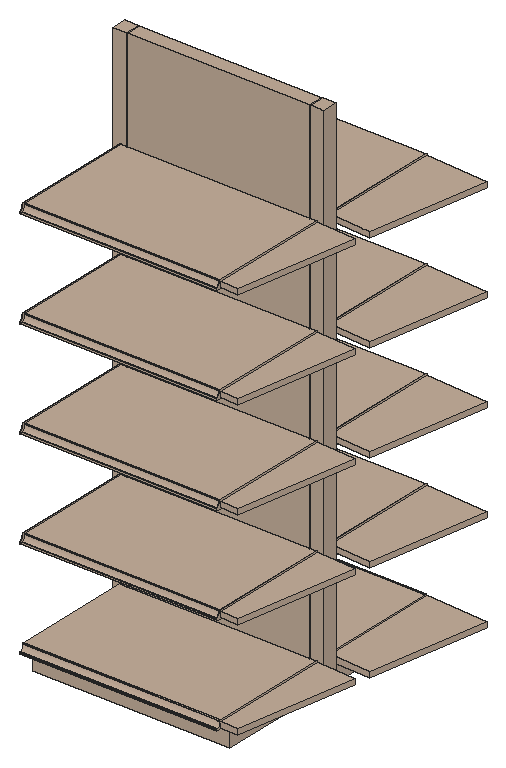
Revit family "ML21 - 10 Degree Angle", category Generic Models, Revit 2012
Parameters (values of type "ML21 - 3'")
  Width = 3' - 0"
  Upright Height [instance] = 8' - 0"
  URL = "http://www.madixinc.com"
  Model = "Maxi Line System - Spacer System for Curved Gondola"
  Material [instance] = Default Madix
  Manufacturer = "© 2014 Madix, Inc. All rights reserved."
  Front Shelf Depth = 1' - 10"
  Back Shelf Depth = 1' - 10"
  4' Front Spacer 6'-6" = no
  4' Front Spacer 5' = no
  4' Front Spacer 3'-6" = no
  4' Front Spacer 2' = no
  Front Wedge [instance] = Front  # 1' - 10"
  Front Shelf 6'-6" [instance] = yes
  Front Shelf 5' [instance] = yes
  Front Shelf 3'-6" [instance] = yes
  Front Shelf 2' [instance] = yes
  4' Front Base Spacer = no
  Front Base Shelf [instance] = yes
  Front [instance] = 1' - 10"
  Back Wedge [instance] = Back  # 1' - 10"
  Back Shelf 6'-6" [instance] = yes
  Back Shelf 5' [instance] = yes
  Back Shelf 3'-6" [instance] = yes
  Back Shelf 2' [instance] = yes
  Back Base Shelf [instance] = yes
  Back [instance] = 1' - 10"
  4' Back Spacer 6'-6" = no
  4' Back Spacer 5' = no
  4' Back Spacer 3'-6" = no
  4' Back Spacer 2' = no
  4' Back Base Spacer = no
  3' Front Spacer 3'-6" = yes
  3' Front Spacer 6'-6" = yes
  3' Front Spacer 5' = yes
  3' Front Spacer 2' = yes
  3' Front Base Spacer = yes
  3' Back Spacer 6'-6" = yes
  3' Back Spacer 5' = yes
  3' Back Spacer 3'-6" = yes
  3' Back Spacer 2' = yes
  3' Back Base Spacer = yes
Reference planes (in)
  plane 1 "Center (Front/Back)": y = 0
  plane 2: z = 0
  plane 3 "Center (Left/Right)": x = 0
Forms (in)
  Extrusion 1, solid, material "Default Madix" <- "Material", visible <- "4' Back Base Spacer"
    sketch origin (0, 0, 4.375) x (1, 0, 0) y (0, 1, 0)
      loop
        line (24, 1.44033) -> (31.71865, 1.03693) -> (35.56767, 22.86579) -> (24, 23.47035) -> (24, 1.44033)
    from 0 to 1
  Extrusion 2, solid, material "Default Madix" <- "Material", visible <- "4' Front Base Spacer"
    sketch origin (0, 0, 4.375) x (1, 0, 0) y (0, 1, 0)
      loop
        line (24, -1.48798) -> (24, -23.518) -> (27.35831, -23.69352) -> (31.20499, -1.86453) -> (24, -1.48798)
    from 0 to 1
  Extrusion 3, solid, material "Default Madix" <- "Material", visible <- "4' Back Spacer 2'"
    sketch origin (0, 0, 22.375) x (1, 0, 0) y (0, 1, 0)
      loop
        line (24, 1.44033) -> (31.71865, 1.03693) -> (35.56767, 22.86579) -> (24, 23.47035) -> (24, 1.44033)
    from 0 to 1
  Extrusion 4, solid, material "Default Madix" <- "Material", visible <- "4' Front Spacer 2'"
    sketch origin (0, 0, 22.375) x (1, 0, 0) y (0, 1, 0)
      loop
        line (24, -1.48798) -> (24, -23.518) -> (27.35831, -23.69352) -> (31.19544, -1.86403) -> (24, -1.48798)
    from 0 to 1
  Extrusion 5, solid, material "Default Madix" <- "Material", visible <- "4' Back Spacer 3'-6""
    sketch origin (0, 0, 40.375) x (1, 0, 0) y (0, 1, 0)
      loop
        line (24, 1.44033) -> (31.71865, 1.03693) -> (35.56767, 22.86579) -> (24, 23.47035) -> (24, 1.44033)
    from 0 to 1
  Extrusion 6, solid, material "Default Madix" <- "Material", visible <- "4' Front Spacer 3'-6""
    sketch origin (0, 0, 40.375) x (1, 0, 0) y (0, 1, 0)
      loop
        line (24, -1.48798) -> (24, -23.518) -> (27.35831, -23.69352) -> (31.20363, -1.86446) -> (24, -1.48798)
    from 0 to 1
  Extrusion 7, solid, material "Default Madix" <- "Material", visible <- "4' Back Spacer 5'"
    sketch origin (0, 0, 58.375) x (1, 0, 0) y (0, 1, 0)
      loop
        line (24, 1.44033) -> (31.71865, 1.03693) -> (35.56767, 22.86579) -> (24, 23.47035) -> (24, 1.44033)
    from 0 to 1
  Extrusion 8, solid, material "Default Madix" <- "Material", visible <- "4' Front Spacer 5'"
    sketch origin (0, 0, 58.375) x (1, 0, 0) y (0, 1, 0)
      loop
        line (24, -1.48798) -> (24, -23.518) -> (27.35831, -23.69352) -> (31.19544, -1.86403) -> (24, -1.48798)
    from 0 to 1
  Extrusion 9, solid, material "Default Madix" <- "Material", visible <- "4' Back Spacer 6'-6""
    sketch origin (0, 0, 76.375) x (1, 0, 0) y (0, 1, 0)
      loop
        line (24, 1.44033) -> (31.71865, 1.03693) -> (35.56767, 22.86579) -> (24, 23.47035) -> (24, 1.44033)
    from 0 to 1
  Extrusion 10, solid, material "Default Madix" <- "Material", visible <- "4' Front Spacer 6'-6""
    sketch origin (0, 0, 76.375) x (1, 0, 0) y (0, 1, 0)
      loop
        line (24, -1.48798) -> (24, -23.518) -> (27.35831, -23.69352) -> (31.20499, -1.86453) -> (24, -1.48798)
    from 0 to 1
  Extrusion 11, solid, material "Default Madix" <- "Material", visible <- "3' Back Base Spacer"
    sketch origin (-6, 0, 4.375) x (1, 0, 0) y (0, 1, 0)
      loop
        line (24, 1.44033) -> (31.71865, 1.03693) -> (35.56767, 22.86579) -> (24, 23.47035) -> (24, 1.44033)
    from 0 to 1
  Extrusion 12, solid, material "Default Madix" <- "Material", visible <- "3' Front Base Spacer"
    sketch origin (-6, 0, 4.375) x (1, 0, 0) y (0, 1, 0)
      loop
        line (24, -1.48798) -> (24, -23.518) -> (27.35801, -23.6935) -> (31.20702, -1.86464) -> (24, -1.48798)
    from 0 to 1
  Extrusion 13, solid, material "Default Madix" <- "Material", visible <- "3' Back Spacer 2'"
    sketch origin (-6, 0, 22.375) x (1, 0, 0) y (0, 1, 0)
      loop
        line (24, 1.44033) -> (31.71865, 1.03693) -> (35.56767, 22.86579) -> (24, 23.47035) -> (24, 1.44033)
    from 0 to 1
  Extrusion 14, solid, material "Default Madix" <- "Material", visible <- "3' Front Spacer 2'"
    sketch origin (-6, 0, 22.375) x (1, 0, 0) y (0, 1, 0)
      loop
        line (24, -1.48798) -> (24, -23.518) -> (27.35801, -23.6935) -> (31.20702, -1.86464) -> (24, -1.48798)
    from 0 to 1
  Extrusion 15, solid, material "Default Madix" <- "Material", visible <- "3' Back Spacer 3'-6""
    sketch origin (-6, 0, 40.375) x (1, 0, 0) y (0, 1, 0)
      loop
        line (24, 1.44033) -> (31.71865, 1.03693) -> (35.56767, 22.86579) -> (24, 23.47035) -> (24, 1.44033)
    from 0 to 1
  Extrusion 16, solid, material "Default Madix" <- "Material", visible <- "3' Front Spacer 3'-6""
    sketch origin (-6, 0, 40.375) x (1, 0, 0) y (0, 1, 0)
      loop
        line (24, -1.48798) -> (24, -23.518) -> (27.35801, -23.6935) -> (31.20702, -1.86464) -> (24, -1.48798)
    from 0 to 1
  Extrusion 17, solid, material "Default Madix" <- "Material", visible <- "3' Back Spacer 5'"
    sketch origin (-6, 0, 58.375) x (1, 0, 0) y (0, 1, 0)
      loop
        line (24, 1.44033) -> (31.71865, 1.03693) -> (35.56767, 22.86579) -> (24, 23.47035) -> (24, 1.44033)
    from 0 to 1
  Extrusion 18, solid, material "Default Madix" <- "Material", visible <- "3' Front Spacer 5'"
    sketch origin (-6, 0, 58.375) x (1, 0, 0) y (0, 1, 0)
      loop
        line (24, -1.48798) -> (24, -23.518) -> (27.35801, -23.6935) -> (31.20702, -1.86464) -> (24, -1.48798)
    from 0 to 1
  Extrusion 19, solid, material "Default Madix" <- "Material", visible <- "3' Back Spacer 6'-6""
    sketch origin (-6, 0, 76.375) x (1, 0, 0) y (0, 1, 0)
      loop
        line (24, 1.44033) -> (31.71865, 1.03693) -> (35.56767, 22.86579) -> (24, 23.47035) -> (24, 1.44033)
    from 0 to 1
  Extrusion 20, solid, material "Default Madix" <- "Material", visible <- "3' Front Spacer 6'-6""
    sketch origin (-6, 0, 76.375) x (1, 0, 0) y (0, 1, 0)
      loop
        line (24, -1.48798) -> (24, -23.518) -> (27.35801, -23.6935) -> (31.20702, -1.86464) -> (24, -1.48798)
    from 0 to 1
Dimensions and locks (in)
  "Front Wedge": Extrusion 2 sketch curve to Extrusion 2 sketch curve
  "Back Wedge": Extrusion 1 sketch curve to Extrusion 1 sketch curve
  "Front Wedge": Extrusion 4 sketch curve to Extrusion 4 sketch curve
  "Back Wedge": Extrusion 3 sketch curve to Extrusion 3 sketch curve
  "Front Wedge": Extrusion 6 sketch curve to Extrusion 6 sketch curve
  "Back Wedge": Extrusion 5 sketch curve to Extrusion 5 sketch curve
  "Front Wedge": Extrusion 8 sketch curve to Extrusion 8 sketch curve
  "Back Wedge": Extrusion 7 sketch curve to Extrusion 7 sketch curve
  "Front Wedge": Extrusion 10 sketch curve to Extrusion 10 sketch curve
  "Back Wedge": Extrusion 9 sketch curve to Extrusion 9 sketch curve
  "Front Wedge": Extrusion 12 sketch curve to Extrusion 12 sketch curve
  "Back Wedge": Extrusion 11 sketch curve to Extrusion 11 sketch curve
  "Front Wedge": Extrusion 14 sketch curve to Extrusion 14 sketch curve
  "Back Wedge": Extrusion 13 sketch curve to Extrusion 13 sketch curve
  "Front Wedge": Extrusion 16 sketch curve to Extrusion 16 sketch curve
  "Back Wedge": Extrusion 15 sketch curve to Extrusion 15 sketch curve
  "Front Wedge": Extrusion 18 sketch curve to Extrusion 18 sketch curve
  "Back Wedge": Extrusion 17 sketch curve to Extrusion 17 sketch curve
  "Front Wedge": Extrusion 20 sketch curve to Extrusion 20 sketch curve
  "Back Wedge": Extrusion 19 sketch curve to Extrusion 19 sketch curve
  aligned and locked: plane 2 to level
Automatic sketch dimensions
  plane 1 "Center (Front/Back)" to Extrusion 6 sketch curve = 0' - 1.48798"
  plane 3 "Center (Left/Right)" to Extrusion 6 sketch curve = 2' - 0"
  Extrusion 6 sketch curve to Extrusion 6 sketch curve = 0' - 3.35831"
  plane 1 "Center (Front/Back)" to Extrusion 6 sketch curve = 0' - 1.86446"
  Extrusion 6 sketch curve to Extrusion 6 sketch curve = 0' - 7.20363"
  plane 1 "Center (Front/Back)" to Extrusion 4 sketch curve = 0' - 1.48798"
  plane 3 "Center (Left/Right)" to Extrusion 4 sketch curve = 2' - 0"
  Extrusion 4 sketch curve to Extrusion 4 sketch curve = 0' - 3.35831"
  plane 1 "Center (Front/Back)" to Extrusion 4 sketch curve = 0' - 1.86403"
  Extrusion 4 sketch curve to Extrusion 4 sketch curve = 0' - 7.19544"
  plane 1 "Center (Front/Back)" to Extrusion 2 sketch curve = 0' - 1.48798"
  plane 3 "Center (Left/Right)" to Extrusion 2 sketch curve = 2' - 0"
  Extrusion 2 sketch curve to Extrusion 2 sketch curve = 0' - 3.35831"
  plane 1 "Center (Front/Back)" to Extrusion 2 sketch curve = 0' - 1.86453"
  Extrusion 2 sketch curve to Extrusion 2 sketch curve = 0' - 7.20499"
  plane 3 "Center (Left/Right)" to Extrusion 5 sketch curve = 2' - 0"
  Extrusion 5 sketch curve to plane 1 "Center (Front/Back)" = 0' - 1.03693"
  Extrusion 5 sketch curve to Extrusion 5 sketch curve = 0' - 7.71865"
  Extrusion 5 sketch curve to Extrusion 5 sketch curve = 0' - 11.56767"
  Extrusion 5 sketch curve to plane 1 "Center (Front/Back)" = 0' - 1.44033"
  plane 3 "Center (Left/Right)" to Extrusion 3 sketch curve = 2' - 0"
  Extrusion 3 sketch curve to plane 1 "Center (Front/Back)" = 0' - 1.03693"
  Extrusion 3 sketch curve to Extrusion 3 sketch curve = 0' - 7.71865"
  Extrusion 3 sketch curve to Extrusion 3 sketch curve = 0' - 11.56767"
  Extrusion 3 sketch curve to plane 1 "Center (Front/Back)" = 0' - 1.44033"
  plane 3 "Center (Left/Right)" to Extrusion 1 sketch curve = 2' - 0"
  Extrusion 1 sketch curve to plane 1 "Center (Front/Back)" = 0' - 1.03693"
  Extrusion 1 sketch curve to Extrusion 1 sketch curve = 0' - 7.71865"
  Extrusion 1 sketch curve to Extrusion 1 sketch curve = 0' - 11.56767"
  Extrusion 1 sketch curve to plane 1 "Center (Front/Back)" = 0' - 1.44033"
  plane 1 "Center (Front/Back)" to Extrusion 16 sketch curve = 0' - 1.48798"
  plane 3 "Center (Left/Right)" to Extrusion 16 sketch curve = 1' - 6"
  Extrusion 16 sketch curve to Extrusion 16 sketch curve = 0' - 3.35801"
  plane 1 "Center (Front/Back)" to Extrusion 16 sketch curve = 0' - 1.86464"
  Extrusion 16 sketch curve to Extrusion 16 sketch curve = 0' - 7 53/256"
  plane 1 "Center (Front/Back)" to Extrusion 14 sketch curve = 0' - 1.48798"
  plane 3 "Center (Left/Right)" to Extrusion 14 sketch curve = 1' - 6"
  Extrusion 14 sketch curve to Extrusion 14 sketch curve = 0' - 3.35801"
  plane 1 "Center (Front/Back)" to Extrusion 14 sketch curve = 0' - 1.86464"
  Extrusion 14 sketch curve to Extrusion 14 sketch curve = 0' - 7 53/256"
  plane 1 "Center (Front/Back)" to Extrusion 12 sketch curve = 0' - 1.48798"
  plane 3 "Center (Left/Right)" to Extrusion 12 sketch curve = 1' - 6"
  Extrusion 12 sketch curve to Extrusion 12 sketch curve = 0' - 3.35801"
  plane 1 "Center (Front/Back)" to Extrusion 12 sketch curve = 0' - 1.86464"
  Extrusion 12 sketch curve to Extrusion 12 sketch curve = 0' - 7 53/256"
  plane 3 "Center (Left/Right)" to Extrusion 15 sketch curve = 1' - 6"
  Extrusion 15 sketch curve to plane 1 "Center (Front/Back)" = 0' - 1.03693"
  Extrusion 15 sketch curve to Extrusion 15 sketch curve = 0' - 7.71865"
  Extrusion 15 sketch curve to Extrusion 15 sketch curve = 0' - 11.56767"
  Extrusion 15 sketch curve to plane 1 "Center (Front/Back)" = 0' - 1.44033"
  plane 3 "Center (Left/Right)" to Extrusion 13 sketch curve = 1' - 6"
  Extrusion 13 sketch curve to plane 1 "Center (Front/Back)" = 0' - 1.03693"
  Extrusion 13 sketch curve to Extrusion 13 sketch curve = 0' - 7.71865"
  Extrusion 13 sketch curve to Extrusion 13 sketch curve = 0' - 11.56767"
  Extrusion 13 sketch curve to plane 1 "Center (Front/Back)" = 0' - 1.44033"
  plane 3 "Center (Left/Right)" to Extrusion 11 sketch curve = 1' - 6"
  Extrusion 11 sketch curve to plane 1 "Center (Front/Back)" = 0' - 1.03693"
  Extrusion 11 sketch curve to Extrusion 11 sketch curve = 0' - 7.71865"
  Extrusion 11 sketch curve to Extrusion 11 sketch curve = 0' - 11.56767"
  Extrusion 11 sketch curve to plane 1 "Center (Front/Back)" = 0' - 1.44033"
  plane 3 "Center (Left/Right)" to Extrusion 9 sketch curve = 2' - 0"
  Extrusion 9 sketch curve to Extrusion 9 sketch curve = 0' - 7.71865"
  Extrusion 9 sketch curve to Extrusion 9 sketch curve = 0' - 11.56767"
  Extrusion 9 sketch curve to plane 1 "Center (Front/Back)" = 0' - 1.03693"
  Extrusion 9 sketch curve to plane 1 "Center (Front/Back)" = 0' - 1.44033"
  plane 3 "Center (Left/Right)" to Extrusion 7 sketch curve = 2' - 0"
  Extrusion 7 sketch curve to Extrusion 7 sketch curve = 0' - 7.71865"
  Extrusion 7 sketch curve to Extrusion 7 sketch curve = 0' - 11.56767"
  Extrusion 7 sketch curve to plane 1 "Center (Front/Back)" = 0' - 1.03693"
  Extrusion 7 sketch curve to plane 1 "Center (Front/Back)" = 0' - 1.44033"
  plane 3 "Center (Left/Right)" to Extrusion 19 sketch curve = 1' - 6"
  Extrusion 19 sketch curve to Extrusion 19 sketch curve = 0' - 7.71865"
  Extrusion 19 sketch curve to Extrusion 19 sketch curve = 0' - 11.56767"
  Extrusion 19 sketch curve to plane 1 "Center (Front/Back)" = 0' - 1.03693"
  Extrusion 19 sketch curve to plane 1 "Center (Front/Back)" = 0' - 1.44033"
  plane 3 "Center (Left/Right)" to Extrusion 17 sketch curve = 1' - 6"
  Extrusion 17 sketch curve to Extrusion 17 sketch curve = 0' - 7.71865"
  Extrusion 17 sketch curve to Extrusion 17 sketch curve = 0' - 11.56767"
  Extrusion 17 sketch curve to plane 1 "Center (Front/Back)" = 0' - 1.03693"
  Extrusion 17 sketch curve to plane 1 "Center (Front/Back)" = 0' - 1.44033"
  plane 3 "Center (Left/Right)" to Extrusion 10 sketch curve = 2' - 0"
  Extrusion 10 sketch curve to Extrusion 10 sketch curve = 0' - 3.35831"
  Extrusion 10 sketch curve to Extrusion 10 sketch curve = 0' - 7.20499"
  plane 1 "Center (Front/Back)" to Extrusion 10 sketch curve = 0' - 1.86453"
  Extrusion 10 sketch curve to Extrusion 10 sketch curve = 1' - 9.65347"
  plane 3 "Center (Left/Right)" to Extrusion 8 sketch curve = 2' - 0"
  Extrusion 8 sketch curve to Extrusion 8 sketch curve = 0' - 3.35831"
  Extrusion 8 sketch curve to Extrusion 8 sketch curve = 0' - 7.19544"
  plane 1 "Center (Front/Back)" to Extrusion 8 sketch curve = 0' - 1.86403"
  Extrusion 8 sketch curve to Extrusion 8 sketch curve = 1' - 9.65397"
  plane 3 "Center (Left/Right)" to Extrusion 20 sketch curve = 1' - 6"
  Extrusion 20 sketch curve to Extrusion 20 sketch curve = 0' - 3.35801"
  Extrusion 20 sketch curve to Extrusion 20 sketch curve = 0' - 7 53/256"
  plane 1 "Center (Front/Back)" to Extrusion 20 sketch curve = 0' - 1.86464"
  Extrusion 20 sketch curve to Extrusion 20 sketch curve = 1' - 9.65336"
  plane 3 "Center (Left/Right)" to Extrusion 18 sketch curve = 1' - 6"
  Extrusion 18 sketch curve to Extrusion 18 sketch curve = 0' - 3.35801"
  Extrusion 18 sketch curve to Extrusion 18 sketch curve = 0' - 7 53/256"
  plane 1 "Center (Front/Back)" to Extrusion 18 sketch curve = 0' - 1.86464"
  Extrusion 18 sketch curve to Extrusion 18 sketch curve = 1' - 9.65336"
Nested families (in)
  nested 1: "ML1" at (0, 0, 0), "Front" Base Shelf <- "Front Base Shelf", "Front" Shelf 2' <- "Front Shelf 2'", "Front" Shelf 3' - 6" <- "Front Shelf 3'-6"", "Front" Shelf 5' <- "Front Shelf 5'", "Front" Shelf 6' - 6" <- "Front Shelf 6'-6"", "Back" Base Shelf <- "Back Base Shelf", "Back" Shelf 2' <- "Back Shelf 2'", "Back" Shelf 3' - 6" <- "Back Shelf 3'-6"", "Back" Shelf 5' <- "Back Shelf 5'", "Back" Shelf 6' - 6" <- "Back Shelf 6'-6"", Material <- "Material", type "Maxi Line Starter (Default)"
    with Material Default Madix, "Front" Shelf 6' - 6" yes, "Front" Shelf 5' yes, "Front" Shelf 3' - 6" yes, "Front" Shelf 2' yes, "Front" Base Shelf yes, "Back" Shelf 6' - 6" yes, "Back" Shelf 5' yes, "Back" Shelf 3' - 6" yes, "Back" Shelf 2' yes, "Back" Base Shelf yes
Definition of nested family "ML1"
  Parameters (values of type "Maxi Line Starter (Default)")
    Width = 4' - 0"
    URL = "http://madixinc.com/display/maxiline/core.html"
    Model = "Maxi Line"
    Material [instance] = Madix Default
    Manufacturer = "© 2012 Madix, Inc. All rights reserved."
    "Front" Base Shelf [instance] = yes
    "Front" Shelf 2' [instance] = yes
    "Front" Shelf 3' - 6" [instance] = yes
    "Front" Shelf 5' [instance] = yes
    "Front" Shelf 6' - 6" [instance] = yes
    "Back" Base Shelf [instance] = yes
    "Back" Shelf 2' [instance] = yes
    "Back" Shelf 3' - 6" [instance] = yes
    "Front" Shelf Depth = 1' - 10"
    "Back" Shelf 5' [instance] = yes
    "Back" Shelf Depth = 1' - 10"
    Upright Height = 8' - 0"
    "Back" Shelf 6' - 6" [instance] = yes
  Types (3): name | Width | Material
    Maxi Line Starter (Default) | 4' - 0" | Madix Default
    CURVED GONDOLA - 3'-0" | 3' - 0" | Metal - Steel
    CURVED GONDOLA - 4'-0" | 4' - 0" | Metal - Steel
  Reference planes (in)
    plane 1 "Center (Front/Back)": y = 0
    plane 2: z = 0
    plane 3 "Center (Left/Right)": x = 0
    plane 4: y = 1.375
    plane 5: y = -1.375
    plane 6: z = 96
    plane 7: z = 0
    plane 8 "1st shelf": z = 23.5
    plane 9 "2nd shelf": z = 41.5
    plane 10 "3rd shelf": z = 59.5
    plane 11 "4th shelf": z = 77.5
    plane 12: y = -24.25
    plane 13: x = -24
    plane 14: x = 24
    plane 15: x = -23.875
    plane 16: x = 23.875
    plane 17: z = 41.5
    plane 18: y = 24.25
    plane 19: y = 23.375
    plane 20: y = -23.375
  Forms (in)
    Extrusion 1, solid, material "Madix Default" <- "Material"
      sketch origin (-24, 1.375, 0) x (1, 0, 0) y (0, 0, 1)
        loop
          line (0, 0) -> (1.25, 0) -> (48, 0) -> (49.25, 0) -> (49.25, 96) -> (46.75, 96) -> (46.75, 0.03125) -> (46.71924, 0.03125) -> (46.71924, 96) -> (1.2815, 96) -> (1.2815, 0.03125) -> (1.25, 0.03125) -> (1.25, 96) -> (-1.25, 96) -> (-1.25, 0) -> (0, 0)
      from 0 to 2.75
    Extrusion 2, solid, material "Madix Default" <- "Material", visible <- ""Front" Base Shelf"
      sketch origin (0, 0, 0) x (0, 1, 0) y (0, 0, 1)
        loop
          line (-1.375, 0) -> (-1.375, 5.5) -> (-23.375, 5.5) -> (-23.50139, 5.5) -> (-23.50139, 5.375) -> (-23.375, 5.375)
          arc (-23.375, 5.375) -> (-23.63696, 4.73714) -> (-24.125, 4.25) r 1.75
          line (-24.125, 4.25) -> (-24.125, 4.375) -> (-24.25, 4.375) -> (-24.25, 4.25) -> (-24.25, 4.125) -> (-21.375, 4.125) -> (-21.375, 0) -> (-1.375, 0)
      from -24 to 24
    Extrusion 3, solid, material "Madix Default" <- "Material", visible <- ""Front" Shelf 2'"
      sketch origin (0, 0, 0) x (0, 1, 0) y (0, 0, 1)
        loop
          line (-1.375, 23.5) -> (-23.5, 23.5) -> (-23.625, 23.5)
          arc (-23.625, 23.5) -> (-23.83033, 22.87796) -> (-24.25, 22.375) r 1.75
          line (-24.25, 22.375) -> (-24.25, 22.125) -> (-23.375, 22.125) -> (-23.375, 22.375) -> (-22.625, 23) -> (-22.375, 23) -> (-22.375, 22.875) -> (-1.375, 20.75) -> (-1.375, 23.5)
        loop
          circle (-20.375, 23) r 0.125
        loop
          circle (-2.5, 23) r 0.125
      from -24 to -23.875
    Extrusion 4, solid, material "Madix Default" <- "Material", visible <- ""Front" Shelf 2'"
      sketch origin (0, 0, 0) x (0, 1, 0) y (0, 0, 1)
        loop
          line (-23.5, 23.5) -> (-23.5, 23.375) -> (-23.375, 23.375)
          arc (-23.375, 23.375) -> (-23.58033, 22.75296) -> (-24, 22.25) r 1.75
          line (-24, 22.25) -> (-24, 22.375) -> (-24.125, 22.375) -> (-24.125, 22.125) -> (-23.375, 22.125) -> (-1.375, 22.125) -> (-1.375, 23.5) -> (-23.5, 23.5)
      from -23.875 to 23.875
    Extrusion 5, solid, material "Madix Default" <- "Material", visible <- ""Front" Shelf 2'"
      sketch origin (0, 0, 0) x (0, 1, 0) y (0, 0, -1)
        loop
          line (-1.375, -23.5) -> (-1.375, -20.75) -> (-22.375, -22.875) -> (-22.375, -23) -> (-22.625, -23) -> (-23.375, -22.375) -> (-23.375, -22.125) -> (-24.25, -22.125) -> (-24.25, -22.375)
          arc (-24.25, -22.375) -> (-23.83033, -22.87796) -> (-23.625, -23.5) r 1.75
          line (-23.625, -23.5) -> (-23.5, -23.5) -> (-1.375, -23.5)
        loop
          circle (-20.375, -23) r 0.125
        loop
          circle (-2.5, -23) r 0.125
      from -24 to -23.875
    Extrusion 6, solid, material "Madix Default" <- "Material", visible <- ""Front" Shelf 3' - 6""
      sketch origin (0, 0, 18) x (0, 1, 0) y (0, 0, 1)
        loop
          line (-1.375, 23.5) -> (-23.5, 23.5) -> (-23.625, 23.5)
          arc (-23.625, 23.5) -> (-23.83033, 22.87796) -> (-24.25, 22.375) r 1.75
          line (-24.25, 22.375) -> (-24.25, 22.125) -> (-23.375, 22.125) -> (-23.375, 22.375) -> (-22.625, 23) -> (-22.375, 23) -> (-22.375, 22.875) -> (-1.375, 20.75) -> (-1.375, 23.5)
        loop
          circle (-20.375, 23) r 0.125
        loop
          circle (-2.5, 23) r 0.125
      from -24 to -23.875
    Extrusion 7, solid, material "Madix Default" <- "Material", visible <- ""Front" Shelf 3' - 6""
      sketch origin (0, 0, 18) x (0, 1, 0) y (0, 0, 1)
        loop
          line (-23.5, 23.5) -> (-23.5, 23.375) -> (-23.375, 23.375)
          arc (-23.375, 23.375) -> (-23.58033, 22.75296) -> (-24, 22.25) r 1.75
          line (-24, 22.25) -> (-24, 22.375) -> (-24.25, 22.375) -> (-24.25, 22.125) -> (-23.375, 22.125) -> (-1.375, 22.125) -> (-1.375, 23.5) -> (-23.5, 23.5)
      from -23.875 to 23.875
    Extrusion 8, solid, material "Madix Default" <- "Material", visible <- ""Front" Shelf 3' - 6""
      sketch origin (0, 0, 18) x (0, 1, 0) y (0, 0, -1)
        loop
          line (-1.375, -23.5) -> (-1.375, -20.75) -> (-22.375, -22.875) -> (-22.375, -23) -> (-22.625, -23) -> (-23.375, -22.375) -> (-23.375, -22.125) -> (-24.25, -22.125) -> (-24.25, -22.375)
          arc (-24.25, -22.375) -> (-23.83033, -22.87796) -> (-23.625, -23.5) r 1.75
          line (-23.625, -23.5) -> (-23.5, -23.5) -> (-1.375, -23.5)
        loop
          circle (-20.375, -23) r 0.125
        loop
          circle (-2.5, -23) r 0.125
      from -24 to -23.875
    Extrusion 9, solid, material "Madix Default" <- "Material", visible <- ""Front" Shelf 5'"
      sketch origin (0, 0, 36) x (0, 1, 0) y (0, 0, 1)
        loop
          line (-1.375, 23.5) -> (-23.5, 23.5) -> (-23.625, 23.5)
          arc (-23.625, 23.5) -> (-23.83033, 22.87796) -> (-24.25, 22.375) r 1.75
          line (-24.25, 22.375) -> (-24.25, 22.125) -> (-23.375, 22.125) -> (-23.375, 22.375) -> (-22.625, 23) -> (-22.375, 23) -> (-22.375, 22.875) -> (-1.375, 20.75) -> (-1.375, 23.5)
        loop
          circle (-20.375, 23) r 0.125
        loop
          circle (-2.5, 23) r 0.125
      from -24 to -23.875
    Extrusion 10, solid, material "Madix Default" <- "Material", visible <- ""Front" Shelf 5'"
      sketch origin (0, 0, 36) x (0, 1, 0) y (0, 0, 1)
        loop
          line (-23.5, 23.5) -> (-23.5, 23.375) -> (-23.375, 23.375)
          arc (-23.375, 23.375) -> (-23.58033, 22.75296) -> (-24, 22.25) r 1.75
          line (-24, 22.25) -> (-24, 22.375) -> (-24.25, 22.375) -> (-24.25, 22.125) -> (-23.375, 22.125) -> (-1.375, 22.125) -> (-1.375, 23.5) -> (-23.5, 23.5)
      from -23.875 to 23.875
    Extrusion 11, solid, material "Madix Default" <- "Material", visible <- ""Front" Shelf 5'"
      sketch origin (0, 0, 36) x (0, 1, 0) y (0, 0, -1)
        loop
          line (-1.375, -23.5) -> (-1.375, -20.75) -> (-22.375, -22.875) -> (-22.375, -23) -> (-22.625, -23) -> (-23.375, -22.375) -> (-23.375, -22.125) -> (-24.25, -22.125) -> (-24.25, -22.375)
          arc (-24.25, -22.375) -> (-23.83033, -22.87796) -> (-23.625, -23.5) r 1.75
          line (-23.625, -23.5) -> (-23.5, -23.5) -> (-1.375, -23.5)
        loop
          circle (-20.375, -23) r 0.125
        loop
          circle (-2.5, -23) r 0.125
      from -24 to -23.875
    Extrusion 12, solid, material "Madix Default" <- "Material", visible <- ""Front" Shelf 6' - 6""
      sketch origin (0, 0, 54) x (0, 1, 0) y (0, 0, 1)
        loop
          line (-1.375, 23.5) -> (-23.5, 23.5) -> (-23.625, 23.5)
          arc (-23.625, 23.5) -> (-23.83033, 22.87796) -> (-24.25, 22.375) r 1.75
          line (-24.25, 22.375) -> (-24.25, 22.125) -> (-23.375, 22.125) -> (-23.375, 22.375) -> (-22.625, 23) -> (-22.375, 23) -> (-22.375, 22.875) -> (-1.375, 20.75) -> (-1.375, 23.5)
        loop
          circle (-20.375, 23) r 0.125
        loop
          circle (-2.5, 23) r 0.125
      from -24 to -23.875
    Extrusion 13, solid, material "Madix Default" <- "Material", visible <- ""Front" Shelf 6' - 6""
      sketch origin (0, 0, 54) x (0, 1, 0) y (0, 0, 1)
        loop
          line (-23.5, 23.5) -> (-23.5, 23.375) -> (-23.375, 23.375)
          arc (-23.375, 23.375) -> (-23.58033, 22.75296) -> (-24, 22.25) r 1.75
          line (-24, 22.25) -> (-24, 22.375) -> (-24.25, 22.375) -> (-24.25, 22.125) -> (-23.375, 22.125) -> (-1.375, 22.125) -> (-1.375, 23.5) -> (-23.5, 23.5)
      from -23.875 to 23.875
    Extrusion 14, solid, material "Madix Default" <- "Material", visible <- ""Front" Shelf 6' - 6""
      sketch origin (0, 0, 54) x (0, 1, 0) y (0, 0, -1)
        loop
          line (-1.375, -23.5) -> (-1.375, -20.75) -> (-22.375, -22.875) -> (-22.375, -23) -> (-22.625, -23) -> (-23.375, -22.375) -> (-23.375, -22.125) -> (-24.25, -22.125) -> (-24.25, -22.375)
          arc (-24.25, -22.375) -> (-23.83033, -22.87796) -> (-23.625, -23.5) r 1.75
          line (-23.625, -23.5) -> (-23.5, -23.5) -> (-1.375, -23.5)
        loop
          circle (-20.375, -23) r 0.125
        loop
          circle (-2.5, -23) r 0.125
      from -24 to -23.875
    Extrusion 15, solid, material "Madix Default" <- "Material", visible <- ""Back" Base Shelf"
      sketch origin (0, 0, 0) x (0, -1, 0) y (0, 0, -1)
        loop
          line (-1.375, 0) -> (-21.375, 0) -> (-21.375, -4.125) -> (-24.25, -4.125) -> (-24.25, -4.25) -> (-24.25, -4.375) -> (-24.125, -4.375) -> (-24.125, -4.25)
          arc (-24.125, -4.25) -> (-23.63696, -4.73714) -> (-23.375, -5.375) r 1.75
          line (-23.375, -5.375) -> (-23.50139, -5.375) -> (-23.50139, -5.5) -> (-23.375, -5.5) -> (-1.375, -5.5) -> (-1.375, 0)
      from -24 to 24
    Extrusion 16, solid, material "Madix Default" <- "Material", visible <- ""Back" Shelf 2'"
      sketch origin (0, 0, 0) x (0, -1, 0) y (0, 0, -1)
        loop
          line (-1.375, -23.5) -> (-1.375, -20.75) -> (-22.375, -22.875) -> (-22.375, -23) -> (-22.625, -23) -> (-23.375, -22.375) -> (-23.375, -22.125) -> (-24.25, -22.125) -> (-24.25, -22.375)
          arc (-24.25, -22.375) -> (-23.83033, -22.87796) -> (-23.625, -23.5) r 1.75
          line (-23.625, -23.5) -> (-23.5, -23.5) -> (-1.375, -23.5)
        loop
          circle (-20.375, -23) r 0.125
        loop
          circle (-2.5, -23) r 0.125
      from -24 to -23.875
    Extrusion 17, solid, material "Madix Default" <- "Material", visible <- ""Back" Shelf 2'"
      sketch origin (0, 0, 0) x (0, -1, 0) y (0, 0, -1)
        loop
          line (-23.5, -23.5) -> (-1.375, -23.5) -> (-1.375, -22.125) -> (-23.375, -22.125) -> (-24.125, -22.125) -> (-24.125, -22.375) -> (-24, -22.375) -> (-24, -22.25)
          arc (-24, -22.25) -> (-23.58033, -22.75296) -> (-23.375, -23.375) r 1.75
          line (-23.375, -23.375) -> (-23.5, -23.375) -> (-23.5, -23.5)
      from -23.875 to 23.875
    Extrusion 18, solid, material "Madix Default" <- "Material", visible <- ""Back" Shelf 2'"
      sketch origin (0, 0, 0) x (0, -1, 0) y (0, 0, 1)
        loop
          line (-1.375, 23.5) -> (-23.5, 23.5) -> (-23.625, 23.5)
          arc (-23.625, 23.5) -> (-23.83033, 22.87796) -> (-24.25, 22.375) r 1.75
          line (-24.25, 22.375) -> (-24.25, 22.125) -> (-23.375, 22.125) -> (-23.375, 22.375) -> (-22.625, 23) -> (-22.375, 23) -> (-22.375, 22.875) -> (-1.375, 20.75) -> (-1.375, 23.5)
        loop
          circle (-20.375, 23) r 0.125
        loop
          circle (-2.5, 23) r 0.125
      from -24 to -23.875
    Extrusion 19, solid, material "Madix Default" <- "Material", visible <- ""Back" Shelf 3' - 6""
      sketch origin (0, 0, 18) x (0, -1, 0) y (0, 0, -1)
        loop
          line (-1.375, -23.5) -> (-1.375, -20.75) -> (-22.375, -22.875) -> (-22.375, -23) -> (-22.625, -23) -> (-23.375, -22.375) -> (-23.375, -22.125) -> (-24.25, -22.125) -> (-24.25, -22.375)
          arc (-24.25, -22.375) -> (-23.83033, -22.87796) -> (-23.625, -23.5) r 1.75
          line (-23.625, -23.5) -> (-23.5, -23.5) -> (-1.375, -23.5)
        loop
          circle (-20.375, -23) r 0.125
        loop
          circle (-2.5, -23) r 0.125
      from -24 to -23.875
    Extrusion 20, solid, material "Madix Default" <- "Material", visible <- ""Back" Shelf 3' - 6""
      sketch origin (0, 0, 18) x (0, -1, 0) y (0, 0, -1)
        loop
          line (-23.5, -23.5) -> (-1.375, -23.5) -> (-1.375, -22.125) -> (-23.375, -22.125) -> (-24.25, -22.125) -> (-24.25, -22.375) -> (-24, -22.375) -> (-24, -22.25)
          arc (-24, -22.25) -> (-23.58033, -22.75296) -> (-23.375, -23.375) r 1.75
          line (-23.375, -23.375) -> (-23.5, -23.375) -> (-23.5, -23.5)
      from -23.875 to 23.875
    Extrusion 21, solid, material "Madix Default" <- "Material", visible <- ""Back" Shelf 3' - 6""
      sketch origin (0, 0, 18) x (0, -1, 0) y (0, 0, 1)
        loop
          line (-1.375, 23.5) -> (-23.5, 23.5) -> (-23.625, 23.5)
          arc (-23.625, 23.5) -> (-23.83033, 22.87796) -> (-24.25, 22.375) r 1.75
          line (-24.25, 22.375) -> (-24.25, 22.125) -> (-23.375, 22.125) -> (-23.375, 22.375) -> (-22.625, 23) -> (-22.375, 23) -> (-22.375, 22.875) -> (-1.375, 20.75) -> (-1.375, 23.5)
        loop
          circle (-20.375, 23) r 0.125
        loop
          circle (-2.5, 23) r 0.125
      from -24 to -23.875
    Extrusion 22, solid, material "Madix Default" <- "Material", visible <- ""Back" Shelf 5'"
      sketch origin (0, 0, 36) x (0, -1, 0) y (0, 0, -1)
        loop
          line (-1.375, -23.5) -> (-1.375, -20.75) -> (-22.375, -22.875) -> (-22.375, -23) -> (-22.625, -23) -> (-23.375, -22.375) -> (-23.375, -22.125) -> (-24.25, -22.125) -> (-24.25, -22.375)
          arc (-24.25, -22.375) -> (-23.83033, -22.87796) -> (-23.625, -23.5) r 1.75
          line (-23.625, -23.5) -> (-23.5, -23.5) -> (-1.375, -23.5)
        loop
          circle (-20.375, -23) r 0.125
        loop
          circle (-2.5, -23) r 0.125
      from -24 to -23.875
    Extrusion 23, solid, material "Madix Default" <- "Material", visible <- ""Back" Shelf 5'"
      sketch origin (0, 0, 36) x (0, -1, 0) y (0, 0, -1)
        loop
          line (-23.5, -23.5) -> (-1.375, -23.5) -> (-1.375, -22.125) -> (-23.375, -22.125) -> (-24.25, -22.125) -> (-24.25, -22.375) -> (-24, -22.375) -> (-24, -22.25)
          arc (-24, -22.25) -> (-23.58033, -22.75296) -> (-23.375, -23.375) r 1.75
          line (-23.375, -23.375) -> (-23.5, -23.375) -> (-23.5, -23.5)
      from -23.875 to 23.875
    Extrusion 24, solid, material "Madix Default" <- "Material", visible <- ""Back" Shelf 5'"
      sketch origin (0, 0, 36) x (0, -1, 0) y (0, 0, 1)
        loop
          line (-1.375, 23.5) -> (-23.5, 23.5) -> (-23.625, 23.5)
          arc (-23.625, 23.5) -> (-23.83033, 22.87796) -> (-24.25, 22.375) r 1.75
          line (-24.25, 22.375) -> (-24.25, 22.125) -> (-23.375, 22.125) -> (-23.375, 22.375) -> (-22.625, 23) -> (-22.375, 23) -> (-22.375, 22.875) -> (-1.375, 20.75) -> (-1.375, 23.5)
        loop
          circle (-20.375, 23) r 0.125
        loop
          circle (-2.5, 23) r 0.125
      from -24 to -23.875
    Extrusion 25, solid, material "Madix Default" <- "Material", visible <- ""Back" Shelf 6' - 6""
      sketch origin (0, 0, 54) x (0, -1, 0) y (0, 0, -1)
        loop
          line (-1.375, -23.5) -> (-1.375, -20.75) -> (-22.375, -22.875) -> (-22.375, -23) -> (-22.625, -23) -> (-23.375, -22.375) -> (-23.375, -22.125) -> (-24.25, -22.125) -> (-24.25, -22.375)
          arc (-24.25, -22.375) -> (-23.83033, -22.87796) -> (-23.625, -23.5) r 1.75
          line (-23.625, -23.5) -> (-23.5, -23.5) -> (-1.375, -23.5)
        loop
          circle (-20.375, -23) r 0.125
        loop
          circle (-2.5, -23) r 0.125
      from -24 to -23.875
    Extrusion 26, solid, material "Madix Default" <- "Material", visible <- ""Back" Shelf 6' - 6""
      sketch origin (0, 0, 54) x (0, -1, 0) y (0, 0, -1)
        loop
          line (-23.5, -23.5) -> (-1.375, -23.5) -> (-1.375, -22.125) -> (-23.375, -22.125) -> (-24.25, -22.125) -> (-24.25, -22.375) -> (-24, -22.375) -> (-24, -22.25)
          arc (-24, -22.25) -> (-23.58033, -22.75296) -> (-23.375, -23.375) r 1.75
          line (-23.375, -23.375) -> (-23.5, -23.375) -> (-23.5, -23.5)
      from -23.875 to 23.875
    Extrusion 27, solid, material "Madix Default" <- "Material", visible <- ""Back" Shelf 6' - 6""
      sketch origin (0, 0, 54) x (0, -1, 0) y (0, 0, 1)
        loop
          line (-1.375, 23.5) -> (-23.5, 23.5) -> (-23.625, 23.5)
          arc (-23.625, 23.5) -> (-23.83033, 22.87796) -> (-24.25, 22.375) r 1.75
          line (-24.25, 22.375) -> (-24.25, 22.125) -> (-23.375, 22.125) -> (-23.375, 22.375) -> (-22.625, 23) -> (-22.375, 23) -> (-22.375, 22.875) -> (-1.375, 20.75) -> (-1.375, 23.5)
        loop
          circle (-20.375, 23) r 0.125
        loop
          circle (-2.5, 23) r 0.125
      from -24 to -23.875
  Lines and regions (in)
    Split face 1
      outline origin (-24, -1.375, 0) x (1, 0, 0) y (0, 0, 1)
        loop
          line (1.2815, 96) -> (1.2815, 0.03125) -> (46.71924, 0.03125) -> (46.71924, 96)
    Split face 2
      outline origin (-24, 1.375, 0) x (1, 0, 0) y (0, 0, 1)
        loop
          line (46.71924, 96) -> (46.71924, 0.03125) -> (1.2815, 0.03125) -> (1.2815, 96)
    reference lines
      curve 1: line (-22.75, 0, 59.5) -> (22.71875, 0, 59.5)
      curve 2: line (22.71875, 0, 77.5) -> (-22.71875, 0, 77.5)
  Dimensions and locks (in)
    "Upright Height": plane 6 to level
    ""Front" Shelf Depth": plane 20 to plane 5
    equal spacing: plane 13, plane 3 "Center (Left/Right)", plane 14
    "Width": plane 13 to plane 14
    locked: plane 13 to plane 15 at 0.125
    locked: plane 16 to plane 14 at 0.125
    ""Back" Shelf Depth": plane 4 to plane 19
    locked: plane 19 to plane 18 at 0.875
    locked: plane 20 to plane 12 at 0.875
    aligned and locked: level to plane 2
    aligned and locked: plane 12 to Extrusion 2
    aligned and locked: Extrusion 2 to plane 5
    aligned and locked: plane 13 to Extrusion 2
    aligned and locked: plane 14 to Extrusion 2
    aligned and locked: Extrusion 4 to Extrusion 5
    aligned and locked: Extrusion 3 to Extrusion 2
    aligned and locked: Extrusion 3 to plane 15
    aligned and locked: Extrusion 4 to Extrusion 3
    aligned and locked: Extrusion 5 to Extrusion 2
    aligned and locked: plane 16 to Extrusion 5
    aligned and locked: Extrusion 7 to Extrusion 8
    aligned and locked: Extrusion 7 to Extrusion 6
    aligned and locked: Extrusion 6 to Extrusion 3
    aligned and locked: Extrusion 8 to Extrusion 4
    aligned and locked: Extrusion 8 to Extrusion 2
    aligned and locked: Extrusion 2 to Extrusion 7
    aligned and locked: Extrusion 6 to plane 15
    aligned and locked: Extrusion 6 to Extrusion 2
    aligned and locked: Extrusion 10 to Extrusion 11
    aligned and locked: Extrusion 10 to Extrusion 9
    aligned and locked: Extrusion 9 to Extrusion 3
    aligned and locked: Extrusion 2 to Extrusion 10
    aligned and locked: Extrusion 11 to Extrusion 2
    aligned and locked: Extrusion 11 to Extrusion 4
    aligned and locked: Extrusion 9 to Extrusion 2
    aligned and locked: Extrusion 13 to Extrusion 14
    aligned and locked: Extrusion 13 to Extrusion 12
    aligned and locked: Extrusion 12 to Extrusion 2
    aligned and locked: Extrusion 12 to Extrusion 3
    aligned and locked: Extrusion 2 to Extrusion 13
    aligned and locked: Extrusion 14 to Extrusion 2
    aligned and locked: Extrusion 14 to Extrusion 4
    aligned and locked: Extrusion 15 to Extrusion 2
    aligned and locked: Extrusion 2 to Extrusion 15
    aligned and locked: plane 13 to Extrusion 15
    aligned and locked: Extrusion 18 to Extrusion 17
    aligned and locked: Extrusion 16 to Extrusion 17
    aligned and locked: Extrusion 15 to plane 18
    aligned and locked: plane 15 to Extrusion 16
    aligned and locked: Extrusion 18 to Extrusion 4
    aligned and locked: Extrusion 16 to Extrusion 2
    aligned and locked: Extrusion 21 to Extrusion 20
    aligned and locked: Extrusion 19 to Extrusion 20
    aligned and locked: Extrusion 15 to Extrusion 20
    aligned and locked: plane 15 to Extrusion 19
    aligned and locked: plane 13 to Extrusion 19
    aligned and locked: Extrusion 21 to plane 14
    aligned and locked: plane 16 to Extrusion 21
    aligned and locked: Extrusion 24 to Extrusion 23
    aligned and locked: Extrusion 22 to Extrusion 23
    aligned and locked: Extrusion 15 to Extrusion 23
    aligned and locked: plane 16 to Extrusion 24
    aligned and locked: Extrusion 24 to plane 14
    aligned and locked: plane 15 to Extrusion 22
    aligned and locked: plane 13 to Extrusion 22
    aligned and locked: Extrusion 27 to Extrusion 26
    aligned and locked: Extrusion 25 to Extrusion 26
    aligned and locked: Extrusion 15 to Extrusion 26
    aligned and locked: plane 13 to Extrusion 25
    aligned and locked: plane 15 to Extrusion 25
    aligned and locked: Extrusion 27 to plane 14
    aligned and locked: plane 16 to Extrusion 27
    aligned and locked: Extrusion 1 to plane 6  (x2)
    aligned and locked: plane 19 to Extrusion 15
    aligned and locked: plane 20 to Extrusion 2
    aligned and locked: plane 14 to Extrusion 18
  Automatic sketch dimensions
    curve 1 to plane 10 "3rd shelf" = 0' - 0"
    curve 2 to plane 11 "4th shelf" = 0' - 0"
    plane 15 to curve 1 = 0' - 1 1/8"
    plane 15 to curve 2 = 0' - 1 5/32"
    plane 16 to curve 2 = 0' - 1 5/32"
    plane 16 to curve 1 = 0' - 1 5/32"
    Extrusion 2 sketch curve to plane 12 = 0' - 0"
    Extrusion 2 sketch curve to level = 0' - 0"
    Extrusion 2 sketch curve to plane 5 = 0' - 0"
    Extrusion 2 sketch curve to plane 12 = 0' - 0.84305"
    plane 12 to Extrusion 2 sketch curve = 0' - 0 1/8"
    plane 12 to Extrusion 2 sketch curve = 0' - 0.74861"
    Extrusion 2 sketch curve to Extrusion 2 sketch curve = 0' - 0.12639"
    Extrusion 2 sketch curve to Extrusion 2 sketch curve = 0' - 0"
    plane 12 to Extrusion 2 sketch curve = 0' - 2 7/8"
    level to Extrusion 2 sketch curve = 0' - 4 1/8"
    Extrusion 2 sketch curve to Extrusion 2 sketch curve = 0' - 0 1/8"  (x4)
    Extrusion 2 sketch curve to Extrusion 2 sketch curve = 0' - 1"
    Extrusion 3 sketch curve to plane 12 = 0' - 0"
    Extrusion 3 sketch curve to plane 8 "1st shelf" = 0' - 0"
    Extrusion 3 sketch curve to plane 5 = 0' - 0"
    plane 8 "1st shelf" to Extrusion 3 sketch curve = 0' - 0.22784"
    Extrusion 3 sketch curve to plane 12 = 0' - 1.11011"
    plane 12 to Extrusion 3 sketch curve = 0' - 0 5/8"
    Extrusion 3 sketch curve to Extrusion 3 sketch curve = 0' - 0 1/8"  (x2)
    plane 12 to Extrusion 3 sketch curve = 0' - 0 7/8"
    Extrusion 3 sketch curve to Extrusion 3 sketch curve = 0' - 0 3/4"
    Extrusion 3 sketch curve to Extrusion 3 sketch curve = 0' - 0 1/4"  (x2)
    Extrusion 3 sketch curve to plane 8 "1st shelf" = 0' - 0 1/2"  (x2)
    Extrusion 3 sketch curve to Extrusion 3 sketch curve = 0' - 2"
    plane 5 to Extrusion 3 sketch curve = 0' - 1 1/8"
    Extrusion 3 sketch curve to Extrusion 3 sketch curve = 0' - 0"
    Extrusion 3 sketch curve to Extrusion 3 sketch curve = 0' - 2 1/4"
    Extrusion 3 sketch curve to plane 8 "1st shelf" = 0' - 0 5/8"
    Extrusion 4 sketch curve to plane 8 "1st shelf" = 0' - 0"
    Extrusion 4 sketch curve to plane 5 = 0' - 0"
    plane 12 to Extrusion 4 sketch curve = 0' - 0 7/8"  (x2)
    Extrusion 4 sketch curve to plane 8 "1st shelf" = 0' - 0 1/8"
    Extrusion 4 sketch curve to Extrusion 4 sketch curve = 0' - 0 1/8"  (x3)
    plane 12 to Extrusion 4 sketch curve = 0' - 0 1/4"
    plane 12 to Extrusion 4 sketch curve = 0' - 0 1/8"
    plane 8 "1st shelf" to Extrusion 4 sketch curve = 0' - 0.10284"
    Extrusion 4 sketch curve to plane 12 = 0' - 0.86011"
    Extrusion 5 sketch curve to plane 12 = 0' - 0"
    Extrusion 5 sketch curve to plane 8 "1st shelf" = 0' - 0"
    Extrusion 5 sketch curve to plane 5 = 0' - 0"
    plane 8 "1st shelf" to Extrusion 5 sketch curve = 0' - 0.22784"
    Extrusion 5 sketch curve to plane 12 = 0' - 1.11011"
    plane 12 to Extrusion 5 sketch curve = 0' - 0 5/8"
    Extrusion 5 sketch curve to Extrusion 5 sketch curve = 0' - 0 1/8"  (x2)
    plane 12 to Extrusion 5 sketch curve = 0' - 0 7/8"
    Extrusion 5 sketch curve to Extrusion 5 sketch curve = 0' - 0 3/4"
    Extrusion 5 sketch curve to Extrusion 5 sketch curve = 0' - 0 1/4"  (x2)
    Extrusion 5 sketch curve to plane 8 "1st shelf" = 0' - 0 1/2"  (x3)
    Extrusion 5 sketch curve to Extrusion 5 sketch curve = 0' - 2"
    plane 5 to Extrusion 5 sketch curve = 0' - 1 1/8"
    Extrusion 5 sketch curve to Extrusion 5 sketch curve = 0' - 0"
    Extrusion 5 sketch curve to Extrusion 5 sketch curve = 0' - 2 1/4"
    Extrusion 6 sketch curve to plane 12 = 0' - 0"
    Extrusion 6 sketch curve to plane 9 "2nd shelf" = 0' - 0"
    Extrusion 6 sketch curve to plane 5 = 0' - 0"
    plane 9 "2nd shelf" to Extrusion 6 sketch curve = 0' - 0.22784"
    Extrusion 6 sketch curve to plane 12 = 0' - 1.11011"
    plane 12 to Extrusion 6 sketch curve = 0' - 0 5/8"
    Extrusion 6 sketch curve to Extrusion 6 sketch curve = 0' - 0 1/8"  (x2)
    plane 12 to Extrusion 6 sketch curve = 0' - 0 7/8"
    Extrusion 6 sketch curve to Extrusion 6 sketch curve = 0' - 0 3/4"
    Extrusion 6 sketch curve to Extrusion 6 sketch curve = 0' - 0 1/4"  (x2)
    Extrusion 6 sketch curve to plane 9 "2nd shelf" = 0' - 0 1/2"  (x2)
    Extrusion 6 sketch curve to Extrusion 6 sketch curve = 0' - 2"
    plane 5 to Extrusion 6 sketch curve = 0' - 1 1/8"
    Extrusion 6 sketch curve to Extrusion 6 sketch curve = 0' - 0"
    Extrusion 6 sketch curve to Extrusion 6 sketch curve = 0' - 2 1/4"
    Extrusion 6 sketch curve to plane 9 "2nd shelf" = 0' - 0 5/8"
    Extrusion 7 sketch curve to plane 12 = 0' - 0"
    Extrusion 7 sketch curve to plane 9 "2nd shelf" = 0' - 0"
    Extrusion 7 sketch curve to plane 5 = 0' - 0"
    plane 9 "2nd shelf" to Extrusion 7 sketch curve = 0' - 0.10284"
    Extrusion 7 sketch curve to plane 12 = 0' - 0.86011"
    plane 12 to Extrusion 7 sketch curve = 0' - 0 1/4"
    plane 12 to Extrusion 7 sketch curve = 0' - 0 3/4"
    Extrusion 7 sketch curve to Extrusion 7 sketch curve = 0' - 0 5/8"
    Extrusion 7 sketch curve to Extrusion 7 sketch curve = 0' - 0 1/8"  (x2)
    Extrusion 7 sketch curve to plane 9 "2nd shelf" = 0' - 0 1/8"
    Extrusion 7 sketch curve to Extrusion 7 sketch curve = 0' - 0 1/4"
    Extrusion 8 sketch curve to plane 12 = 0' - 0"
    Extrusion 8 sketch curve to plane 9 "2nd shelf" = 0' - 0"
    Extrusion 8 sketch curve to plane 5 = 0' - 0"
    plane 9 "2nd shelf" to Extrusion 8 sketch curve = 0' - 0.22784"
    Extrusion 8 sketch curve to plane 12 = 0' - 1.11011"
    plane 12 to Extrusion 8 sketch curve = 0' - 0 5/8"
    Extrusion 8 sketch curve to Extrusion 8 sketch curve = 0' - 0 1/8"  (x2)
    plane 12 to Extrusion 8 sketch curve = 0' - 0 7/8"
    Extrusion 8 sketch curve to Extrusion 8 sketch curve = 0' - 0 3/4"
    Extrusion 8 sketch curve to Extrusion 8 sketch curve = 0' - 0 1/4"  (x2)
    Extrusion 8 sketch curve to plane 9 "2nd shelf" = 0' - 0 1/2"  (x3)
    Extrusion 8 sketch curve to Extrusion 8 sketch curve = 0' - 2"
    plane 5 to Extrusion 8 sketch curve = 0' - 1 1/8"
    Extrusion 8 sketch curve to Extrusion 8 sketch curve = 0' - 0"
    Extrusion 8 sketch curve to Extrusion 8 sketch curve = 0' - 2 1/4"
    Extrusion 9 sketch curve to plane 12 = 0' - 0"
    Extrusion 9 sketch curve to plane 10 "3rd shelf" = 0' - 0"
    Extrusion 9 sketch curve to plane 5 = 0' - 0"
    plane 10 "3rd shelf" to Extrusion 9 sketch curve = 0' - 0.22784"
    Extrusion 9 sketch curve to plane 12 = 0' - 1.11011"
    plane 12 to Extrusion 9 sketch curve = 0' - 0 5/8"
    Extrusion 9 sketch curve to Extrusion 9 sketch curve = 0' - 0 1/8"  (x2)
    plane 12 to Extrusion 9 sketch curve = 0' - 0 7/8"
    Extrusion 9 sketch curve to Extrusion 9 sketch curve = 0' - 0 3/4"
    Extrusion 9 sketch curve to Extrusion 9 sketch curve = 0' - 0 1/4"  (x2)
    Extrusion 9 sketch curve to plane 10 "3rd shelf" = 0' - 0 1/2"  (x2)
    Extrusion 9 sketch curve to Extrusion 9 sketch curve = 0' - 2"
    plane 5 to Extrusion 9 sketch curve = 0' - 1 1/8"
    Extrusion 9 sketch curve to Extrusion 9 sketch curve = 0' - 0"
    Extrusion 9 sketch curve to Extrusion 9 sketch curve = 0' - 2 1/4"
    Extrusion 9 sketch curve to plane 10 "3rd shelf" = 0' - 0 5/8"
    Extrusion 10 sketch curve to plane 12 = 0' - 0"
    Extrusion 10 sketch curve to plane 10 "3rd shelf" = 0' - 0"
    Extrusion 10 sketch curve to plane 5 = 0' - 0"
    plane 10 "3rd shelf" to Extrusion 10 sketch curve = 0' - 0.10284"
    Extrusion 10 sketch curve to plane 12 = 0' - 0.86011"
    plane 12 to Extrusion 10 sketch curve = 0' - 0 1/4"
    plane 12 to Extrusion 10 sketch curve = 0' - 0 3/4"
    Extrusion 10 sketch curve to Extrusion 10 sketch curve = 0' - 0 5/8"
    Extrusion 10 sketch curve to Extrusion 10 sketch curve = 0' - 0 1/8"  (x2)
    Extrusion 10 sketch curve to plane 10 "3rd shelf" = 0' - 0 1/8"
    Extrusion 10 sketch curve to Extrusion 10 sketch curve = 0' - 0 1/4"
    Extrusion 11 sketch curve to plane 12 = 0' - 0"
    Extrusion 11 sketch curve to plane 10 "3rd shelf" = 0' - 0"
    Extrusion 11 sketch curve to plane 5 = 0' - 0"
    plane 10 "3rd shelf" to Extrusion 11 sketch curve = 0' - 0.22784"
    Extrusion 11 sketch curve to plane 12 = 0' - 1.11011"
    plane 12 to Extrusion 11 sketch curve = 0' - 0 5/8"
    Extrusion 11 sketch curve to Extrusion 11 sketch curve = 0' - 0 1/8"  (x2)
    plane 12 to Extrusion 11 sketch curve = 0' - 0 7/8"
    Extrusion 11 sketch curve to Extrusion 11 sketch curve = 0' - 0 3/4"
    Extrusion 11 sketch curve to Extrusion 11 sketch curve = 0' - 0 1/4"  (x2)
    Extrusion 11 sketch curve to plane 10 "3rd shelf" = 0' - 0 1/2"  (x3)
    Extrusion 11 sketch curve to Extrusion 11 sketch curve = 0' - 2"
    plane 5 to Extrusion 11 sketch curve = 0' - 1 1/8"
    Extrusion 11 sketch curve to Extrusion 11 sketch curve = 0' - 0"
    Extrusion 11 sketch curve to Extrusion 11 sketch curve = 0' - 2 1/4"
    Extrusion 12 sketch curve to plane 12 = 0' - 0"
    Extrusion 12 sketch curve to plane 11 "4th shelf" = 0' - 0"
    Extrusion 12 sketch curve to plane 5 = 0' - 0"
    plane 11 "4th shelf" to Extrusion 12 sketch curve = 0' - 0.22784"
    Extrusion 12 sketch curve to plane 12 = 0' - 1.11011"
    plane 12 to Extrusion 12 sketch curve = 0' - 0 5/8"
    Extrusion 12 sketch curve to Extrusion 12 sketch curve = 0' - 0 1/8"  (x2)
    plane 12 to Extrusion 12 sketch curve = 0' - 0 7/8"
    Extrusion 12 sketch curve to Extrusion 12 sketch curve = 0' - 0 3/4"
    Extrusion 12 sketch curve to Extrusion 12 sketch curve = 0' - 0 1/4"  (x2)
    Extrusion 12 sketch curve to plane 11 "4th shelf" = 0' - 0 1/2"  (x2)
    Extrusion 12 sketch curve to Extrusion 12 sketch curve = 0' - 2"
    plane 5 to Extrusion 12 sketch curve = 0' - 1 1/8"
    Extrusion 12 sketch curve to Extrusion 12 sketch curve = 0' - 0"
    Extrusion 12 sketch curve to Extrusion 12 sketch curve = 0' - 2 1/4"
    Extrusion 12 sketch curve to plane 11 "4th shelf" = 0' - 0 5/8"
    Extrusion 13 sketch curve to plane 12 = 0' - 0"
    Extrusion 13 sketch curve to plane 11 "4th shelf" = 0' - 0"
    Extrusion 13 sketch curve to plane 5 = 0' - 0"
    plane 11 "4th shelf" to Extrusion 13 sketch curve = 0' - 0.10284"
    Extrusion 13 sketch curve to plane 12 = 0' - 0.86011"
    plane 12 to Extrusion 13 sketch curve = 0' - 0 1/4"
    plane 12 to Extrusion 13 sketch curve = 0' - 0 3/4"
    Extrusion 13 sketch curve to Extrusion 13 sketch curve = 0' - 0 5/8"
    Extrusion 13 sketch curve to Extrusion 13 sketch curve = 0' - 0 1/8"  (x2)
    Extrusion 13 sketch curve to plane 11 "4th shelf" = 0' - 0 1/8"
    Extrusion 13 sketch curve to Extrusion 13 sketch curve = 0' - 0 1/4"
    Extrusion 14 sketch curve to plane 12 = 0' - 0"
    Extrusion 14 sketch curve to plane 11 "4th shelf" = 0' - 0"
    Extrusion 14 sketch curve to plane 5 = 0' - 0"
    plane 11 "4th shelf" to Extrusion 14 sketch curve = 0' - 0.22784"
    Extrusion 14 sketch curve to plane 12 = 0' - 1.11011"
    plane 12 to Extrusion 14 sketch curve = 0' - 0 5/8"
    Extrusion 14 sketch curve to Extrusion 14 sketch curve = 0' - 0 1/8"  (x2)
    plane 12 to Extrusion 14 sketch curve = 0' - 0 7/8"
    Extrusion 14 sketch curve to Extrusion 14 sketch curve = 0' - 0 3/4"
    Extrusion 14 sketch curve to Extrusion 14 sketch curve = 0' - 0 1/4"  (x2)
    Extrusion 14 sketch curve to plane 11 "4th shelf" = 0' - 0 1/2"  (x3)
    Extrusion 14 sketch curve to Extrusion 14 sketch curve = 0' - 2"
    plane 5 to Extrusion 14 sketch curve = 0' - 1 1/8"
    Extrusion 14 sketch curve to Extrusion 14 sketch curve = 0' - 0"
    Extrusion 14 sketch curve to Extrusion 14 sketch curve = 0' - 2 1/4"
    Extrusion 15 sketch curve to plane 18 = 0' - 0"
    Extrusion 15 sketch curve to level = 0' - 0"
    Extrusion 15 sketch curve to plane 4 = 0' - 0"
    plane 18 to Extrusion 15 sketch curve = 0' - 0.84305"
    Extrusion 15 sketch curve to plane 18 = 0' - 0 1/8"
    Extrusion 15 sketch curve to plane 18 = 0' - 0.74861"
    Extrusion 15 sketch curve to Extrusion 15 sketch curve = 0' - 0.12639"
    Extrusion 15 sketch curve to Extrusion 15 sketch curve = 0' - 0"  (x2)
    Extrusion 15 sketch curve to plane 18 = 0' - 2 7/8"
    Extrusion 15 sketch curve to level = 0' - 4 1/8"
    Extrusion 15 sketch curve to Extrusion 15 sketch curve = 0' - 0 1/8"  (x3)
    Extrusion 15 sketch curve to Extrusion 15 sketch curve = 0' - 1"
    Extrusion 16 sketch curve to plane 18 = 0' - 0"
    Extrusion 16 sketch curve to plane 8 "1st shelf" = 0' - 0"
    Extrusion 16 sketch curve to plane 4 = 0' - 0"
    Extrusion 16 sketch curve to plane 8 "1st shelf" = 0' - 0.22784"
    plane 18 to Extrusion 16 sketch curve = 0' - 1.11011"
    Extrusion 16 sketch curve to plane 18 = 0' - 0 5/8"
    Extrusion 16 sketch curve to Extrusion 16 sketch curve = 0' - 0 1/8"  (x2)
    Extrusion 16 sketch curve to Extrusion 16 sketch curve = 0' - 0 7/8"
    Extrusion 16 sketch curve to Extrusion 16 sketch curve = 0' - 0 3/4"
    Extrusion 16 sketch curve to Extrusion 16 sketch curve = 0' - 0 1/4"  (x2)
    plane 8 "1st shelf" to Extrusion 16 sketch curve = 0' - 0 1/2"  (x2)
    Extrusion 16 sketch curve to Extrusion 16 sketch curve = 0' - 2"
    Extrusion 16 sketch curve to plane 4 = 0' - 1 1/8"
    Extrusion 16 sketch curve to Extrusion 16 sketch curve = 0' - 0"
    Extrusion 16 sketch curve to Extrusion 16 sketch curve = 0' - 2 1/4"
    plane 8 "1st shelf" to Extrusion 16 sketch curve = 0' - 0 5/8"
    Extrusion 17 sketch curve to plane 8 "1st shelf" = 0' - 0"
    Extrusion 17 sketch curve to plane 4 = 0' - 0"
    Extrusion 17 sketch curve to plane 18 = 0' - 0 7/8"  (x2)
    plane 8 "1st shelf" to Extrusion 17 sketch curve = 0' - 0 1/8"
    Extrusion 17 sketch curve to Extrusion 17 sketch curve = 0' - 0 1/8"  (x3)
    Extrusion 17 sketch curve to plane 18 = 0' - 0 1/4"
    Extrusion 17 sketch curve to plane 18 = 0' - 0 1/8"
    Extrusion 17 sketch curve to plane 8 "1st shelf" = 0' - 0.10284"
    plane 18 to Extrusion 17 sketch curve = 0' - 0.86011"
    Extrusion 18 sketch curve to plane 18 = 0' - 0"
    Extrusion 18 sketch curve to plane 8 "1st shelf" = 0' - 0"
    Extrusion 18 sketch curve to plane 4 = 0' - 0"
    plane 8 "1st shelf" to Extrusion 18 sketch curve = 0' - 0.22784"
    Extrusion 18 sketch curve to plane 18 = 0' - 1.11011"
    plane 18 to Extrusion 18 sketch curve = 0' - 0 5/8"
    Extrusion 18 sketch curve to Extrusion 18 sketch curve = 0' - 0 1/8"  (x2)
    Extrusion 18 sketch curve to Extrusion 18 sketch curve = 0' - 0 7/8"
    Extrusion 18 sketch curve to Extrusion 18 sketch curve = 0' - 0 3/4"
    Extrusion 18 sketch curve to Extrusion 18 sketch curve = 0' - 0 1/4"  (x2)
    Extrusion 18 sketch curve to plane 8 "1st shelf" = 0' - 0 1/2"  (x2)
    Extrusion 18 sketch curve to Extrusion 18 sketch curve = 0' - 2"
    plane 4 to Extrusion 18 sketch curve = 0' - 1 1/8"
    Extrusion 18 sketch curve to Extrusion 18 sketch curve = 0' - 0"
    Extrusion 18 sketch curve to Extrusion 18 sketch curve = 0' - 2 1/4"
    Extrusion 18 sketch curve to plane 8 "1st shelf" = 0' - 0 5/8"
    Extrusion 19 sketch curve to plane 18 = 0' - 0"
    Extrusion 19 sketch curve to plane 9 "2nd shelf" = 0' - 0"
    Extrusion 19 sketch curve to plane 4 = 0' - 0"
    Extrusion 19 sketch curve to plane 9 "2nd shelf" = 0' - 0.22784"
    plane 18 to Extrusion 19 sketch curve = 0' - 1.11011"
    Extrusion 19 sketch curve to plane 18 = 0' - 0 5/8"
    Extrusion 19 sketch curve to Extrusion 19 sketch curve = 0' - 0 1/8"  (x2)
    Extrusion 19 sketch curve to Extrusion 19 sketch curve = 0' - 0 7/8"
    Extrusion 19 sketch curve to Extrusion 19 sketch curve = 0' - 0 3/4"
    Extrusion 19 sketch curve to Extrusion 19 sketch curve = 0' - 0 1/4"  (x2)
    plane 9 "2nd shelf" to Extrusion 19 sketch curve = 0' - 0 1/2"  (x2)
    Extrusion 19 sketch curve to Extrusion 19 sketch curve = 0' - 2"
    Extrusion 19 sketch curve to plane 4 = 0' - 1 1/8"
    Extrusion 19 sketch curve to Extrusion 19 sketch curve = 0' - 0"
    Extrusion 19 sketch curve to Extrusion 19 sketch curve = 0' - 2 1/4"
    plane 9 "2nd shelf" to Extrusion 19 sketch curve = 0' - 0 5/8"
    Extrusion 20 sketch curve to plane 18 = 0' - 0"
    Extrusion 20 sketch curve to plane 9 "2nd shelf" = 0' - 0"
    Extrusion 20 sketch curve to plane 4 = 0' - 0"
    Extrusion 20 sketch curve to plane 9 "2nd shelf" = 0' - 0.10284"
    plane 18 to Extrusion 20 sketch curve = 0' - 0.86011"
    Extrusion 20 sketch curve to plane 18 = 0' - 0 1/4"
    Extrusion 20 sketch curve to plane 18 = 0' - 0 3/4"
